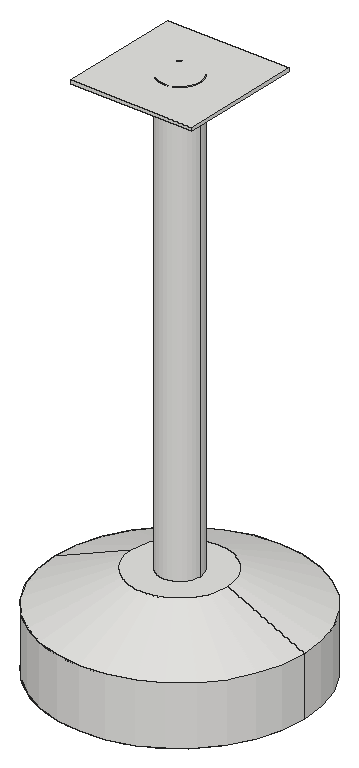
Revit family "Fans_Industrial_Standard-Drive-Fans_Commercial_Large-Diameter-6ft_Apex_Epic-Fans", category Electrical Fixtures, host Ceiling, Revit 2026
Family settings
  Host = Ceiling
  Round Connector Dimension = Use Diameter
  Part Type = Normal
  Classification Number = 23.80.00.00
  Always vertical = Yes
  Cut with Voids When Loaded = No
  Maintain Annotation Orientation = No
  Shared = No
  Room Calculation Point = No
Parameters (values of type "2' Down Tube")
  Model = "Commercial"
  Down Tube = 2' - 0"
  Description = "HVLS Fan"
  Default Elevation = 0' - 0"
Types (10): name | Down Tube
  (no name) | 2' - 0"
  2' Down Tube | 2' - 0"
  3' Down Tube | 3' - 0"
  4' Down Tube | 4' - 0"
  5' Down Tube | 5' - 0"
  6' Down Tube | 6' - 0"
  7' Down Tube | 7' - 0"
  8' Down Tube | 8' - 0"
  9' Down Tube | 9' - 0"
  10' Down Tube | 10' - 0"
Reference planes (in)
  plane 1 "Center (Front/Back)": y = 0
  plane 2 "Ceiling": z = 96
  plane 3 "Center (Left/Right)": x = 0
  plane 4: x = 3.5
  plane 5: x = -3.5
  plane 6: y = 3.5
  plane 7: y = -3.5
  plane 8: z = 70.5
  plane 9: z = 68.625
  plane 10: z = 65.25
  plane 11: z = 63.375
  plane 12: z = 66.9375
  plane 13: z = 94.5
Forms (in)
  Extrusion 1, solid, material "Steel"
    sketch origin (0, 0, 96) x (1, 0, 0) y (0, 1, 0)
      loop
        line (-3.5, 3.5) -> (-3.5, -3.5) -> (3.5, -3.5) -> (3.5, 3.5) -> (-3.5, 3.5)
    from 0 to -0.1875
  Extrusion 2, solid, material "Steel"
    sketch origin (0, 0, 96) x (1, 0, 0) y (0, 1, 0)
      loop
        circle (0, 0) r 1.18687
    from 0 to -25.5
  Blend 3, solid, material "Steel"
    base sketch origin (0, 0, 0) x (1, 0, 0) y (0, 1, 0)
      loop
        circle (0, 0) r 2.75
    top sketch origin (0, 0, 0) x (1, 0, 0) y (0, 1, 0)
      loop
        circle (0, 0) r 7.1875
    from 70.5 to 68.625
  Extrusion 4, solid, material "Steel"
    sketch origin (0, 0, 0) x (1, 0, 0) y (0, 1, 0)
      loop
        circle (0, 0) r 7.1875
    from 68.625 to 65.25
  Blend 5, solid, material "Steel"
    base sketch origin (0, 0, 0) x (1, 0, 0) y (0, 1, 0)
      loop
        circle (0, 0) r 7.1875
    top sketch origin (0, 0, 0) x (1, 0, 0) y (0, 1, 0)
      loop
        circle (0, 0) r 2.75
    from 65.25 to 63.375
Dimensions and locks (in)
  equal spacing: host sketch curve, plane 3 "Center (Left/Right)", host sketch curve
  equal spacing: host sketch curve, plane 1 "Center (Front/Back)", host sketch curve
  host sketch curve to host sketch curve = 10' - 0"  (x2)
  equal spacing: plane 5, plane 3 "Center (Left/Right)", plane 4
  locked: plane 5 to plane 4 at 7
  equal spacing: plane 6, plane 1 "Center (Front/Back)", plane 7
  locked: plane 6 to plane 7 at 7
  locked: plane 9 to plane 8 at 1.875
  locked: plane 10 to plane 9 at 3.375
  locked: plane 11 to plane 10 at 1.875
  equal spacing: plane 8, plane 12, plane 11
  locked: plane 2 "Ceiling" to plane 13 at 1.5
  "Down Tube": plane 13 to plane 8
  radius of Extrusion 2 sketch curve = 0' - 1.18687"
  radius of Blend 3 sketch curve = 0' - 2 3/4"
  radius of Extrusion 4 sketch curve = 0' - 7 3/16"
  radius of Blend 5 sketch curve = 0' - 7 3/16"
  radius of Blend 5 sketch curve = 0' - 2 3/4"
  aligned and locked: Extrusion 1 sketch curve to plane 6
  aligned and locked: Extrusion 1 sketch curve to plane 5
  aligned and locked: plane 7 to Extrusion 1 sketch curve
  aligned and locked: plane 4 to Extrusion 1 sketch curve
  aligned and locked: plane 3 "Center (Left/Right)" to Extrusion 2 sketch curve
  aligned and locked: plane 1 "Center (Front/Back)" to Extrusion 2 sketch curve
  aligned and locked: Extrusion 2 to plane 8
  aligned and locked: plane 1 "Center (Front/Back)" to Blend 3 sketch curve  (x2)
  aligned and locked: plane 3 "Center (Left/Right)" to Blend 3 sketch curve  (x2)
  aligned and locked: plane 8 to Blend 3
  aligned and locked: Blend 3 to plane 9
  aligned and locked: plane 1 "Center (Front/Back)" to Extrusion 4 sketch curve
  aligned and locked: plane 3 "Center (Left/Right)" to Extrusion 4 sketch curve
  aligned and locked: plane 9 to Extrusion 4
  aligned and locked: Extrusion 4 to plane 10
  aligned and locked: plane 3 "Center (Left/Right)" to Blend 5 sketch curve  (x2)
  aligned and locked: plane 1 "Center (Front/Back)" to Blend 5 sketch curve  (x2)
  aligned and locked: plane 10 to Blend 5
  aligned and locked: Blend 5 to plane 11
  aligned and locked: import instance to plane 12
  aligned and locked: import instance to plane 3 "Center (Left/Right)"
  aligned and locked: plane 1 "Center (Front/Back)" to import instance
Automatic sketch dimensions
  radius of Blend 3 sketch curve = 0' - 7 3/16"
